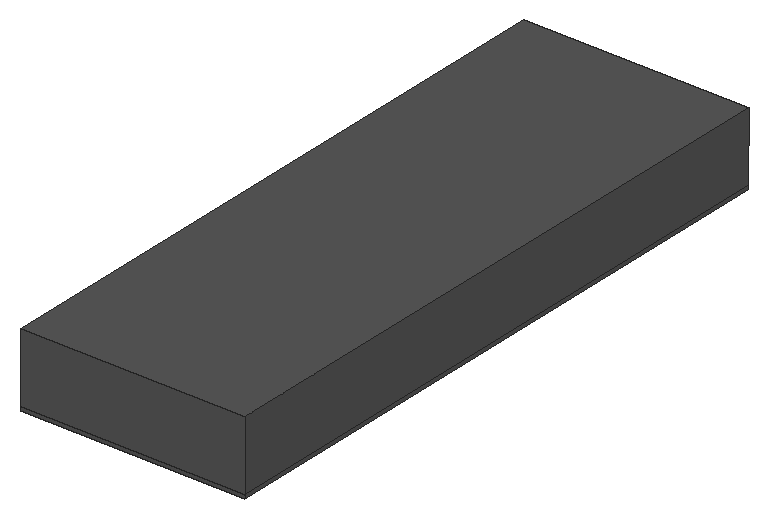
Revit family "ERA_LF_PR_SPP-502", category Осветительные приборы, Revit 2019 (continued)
Definition of nested family "LF_ИС_Пр_SPP-502"
  Parameters (values of type "SPP-502-0-50K-080")
      5 30.4 27.7 25.4 23.3 21.5 19.8 18.3 16.9 15.6 14.5 13.4 12.4 11.3 10.3 9.2 8 6.5 4.8 3.2 2 1.1 0.4 0 0\r\n299.5 300.7 302.1 303.9 305.9 308.3 311 313.9 317 320.2 323.7 327.3 331.1 335 338.9 342.8 346.6 350.3 354 357.7 361 363.8 366.2 368.2 369.8 370.8 371 370.6 369.4 367.6 365 361.6 357.4 352.3 346.4 339.9 332.8 325 316.5 307.2 297.3 287.1 276.6 265.5 254.1 242.8 231.8 220.4 207.6 193.5 178.9 164.8 151.2 138.3 126 114.5 103.8 94.2 85.6 78.1 71.4 65.4 59.9 54.5 49.4 44.7 40.6 37 33.5 30.1 27 24.2 21.9 20 18.4 16.7 14.9 12.8 10.8 8.9 7.4 6.3 5.4 4.7 3.9 3 2 1.1 0.5 0 0\r\n299.5 299.6 300.1 301.1 302.3 303.6 305 306.5 308.6 311.3 314.2 317.2 320.2 323.3 326.7 330.4 334.4 338.7 343.4 348.4 353.4 358.4 363.2 367.7 372 376.2 380.5 384.5 387.9 390.5 392.3 393.4 393.8 393.7 393 391.6 389.4 386.4 382.6 378 372.5 366.3 358.9 350.3 340.3 329.1 317 304 290 275.1 259.3 242.6 225.4 208.3 191.4 174.7 158.3 142.4 127.5 113.7 101.3 90.3 80.7 72.3 64.8 58.1 51.9 46 40.5 35.3 30.9 27.3 24.4 21.8 19.4 17.3 15.5 13.8 12.2 10.4 8.8 7.4 6.2 5.3 4.6 4 3.2 2.4 1.6 0.9 0.2\r\n299.5 298.5 298.1 298.3 298.9 299.7 300.7 301.9 303.3 305.1 307.1 309.3 311.7 314.5 317.7 321.1 324.4 328.1 332.5 337.6 342.8 347.8 352.7 357.9 363.3 368.8 374.2 379.5 384.6 389.5 394.3 399.2 403.8 407.9 411.4 414.7 417.8 420.8 423.3 425 425.9 425.8 424.7 422.7 419.7 415.6 410.3 403.5 395.2 385.1 373.4 360.2 345.3 328.6 310.1 290.3 269.4 247.8 226.1 204.5 183.3 162.7 142.7 123.5 105.1 88.1 73.1 60.5 50.9 43.8 38.5 33.9 29.9 26.3 23.1 20.1 17.4 14.9 12.7 10.9 9.2 7.6 6.1 4.7 3.6 2.7 2 1.4 1 0.6 0.2\r\n299.5 298.2 297.3 297 297.1 297.5 298.1 299 300.2 301.7 303.5 305.6 308.1 310.7 313.7 317 320.9 325.3 329.9 334.9 340.2 345.9 351.9 358.1 364.5 370.7 376.7 382.5 388.2 393.8 399.2 404.6 410 415.7 421.7 428.1 434.7 441.6 448.3 455 461.6 468.2 474.8 481.3 487.7 493.7 499.2 503.8 507.3 509.5 510 508.6 504.9 498.7 489.8 478.5 464.6 448 428.1 404.8 378 347.5 313.9 277.7 240.1 203 168.2 136.9 110.1 88.1 70.3 56.1 44.9 36.1 29.3 24 19.7 16.2 13.2 10.5 8.3 6.5 5 3.7 2.6 1.7 1 0.5 0.2 0 0\r\n299.5 299.1 299.6 301.1 303.2 305.4 307.3 309.1 311.2 313.8 316.7 319.9 323.4 327.2 331.2 335.7 340.6 346.1 351.9 358.1 364.8 371.8 379 386.1 393 399.8 406.7 413.6 420.6 427.6 434.7 442.1 449.8 457.9 466.3 475.2 484.6 494.4 504.5 514.9 525.4 536 546.4 556.7 566.5 575.8 584.2 591.9 598.7 604.5 608.9 611.7 612.5 611.1 606.9 599.3 587.8 571.7 550.6 524.4 493 456.7 416.5 373.4 328.7 283.6 239.3 196.6 156.6 120.3 88.9 63.5 44.2 31.1 23.3 18.8 15.7 13.4 11.6 9.8 8.1 6.5 5.1 3.8 2.8 2 1.4 0.9 0.6 0.4 0.3\r\n"
    built-in parameter 1150133 = 10 (stored number, unit not read)
    Wattage = 53.8568 W
    built-in parameter 1150139 = (empty or 0)
    Корпус_Ширина = 160.00 mm
    Default Elevation = 1000.00 mm
    Корпус_Длина = 450.00 mm
    built-in parameter 1150138 = (empty or 0)
    built-in parameter 1150107 = 5000 (stored number, unit not read)
    built-in parameter 1150102 = (empty or 0)
    Emit from Rectangle Width = Корпус_Длина  # 450.00 mm
    Emit from Rectangle Length = Корпус_Ширина  # 160.00 mm
    Emit Shape Visible in Rendering = no
  Types (4, lengths in mm): name | Photometric Web File | built-in parameter 1150105 | Lumens | built-in parameter 1150106 | built-in parameter 1150142 | Wattage
    SPP-502-0-50K-080 | "SPP-502-0-50K-080.ies" | 1450.3 (stored number, unit not read) | 8000 lm | 14.503 (stored number, unit not read) | "IESNA:LM-63-1995\r\n[DATA] 16.01.2020\r\n[MANUFAC]??РА\r\n[LUMCAT] \r\n[LUMINAIRE] SPP-502-0-50K-080\r\n[LAMP] Светодиодный модуль\r\nTILT=NONE\r\n1 8629 8.627 91 37 1 2 0.45 0.16 0.065\r\n1 1 81.62\r\n0 1 2 3 4 5 6 7 8 9 10 11 12 13 14 15 16 17 18 19 20 21 22 23 24 25 26 27 28 29 30 31 32 33 34 35 36 37 38 39 40 41 42 43 44 45 46 47 48 49 50 51 52 53 54 55 56 57 58 59 60 61 62 63 64 65 66 67 68 69 70 71 72 73 74 75 76 77 78 79 80 81 82 83 84 85 86 87 88 89 90 \r\n0 10 20 30 40 50 60 70 80 90 100 110 120 130 140 150 160 170 180 190 200 210 220 230 240 250 260 270 280 290 300 310 320 330 340 350 360 \r\n299.5 299.1 299.6 301.1 303.2 305.4 307.3 309.1 311.2 313.8 316.7 319.9 323.4 327.2 331.2 335.7 340.6 346.1 351.9 358.1 364.8 371.8 379 386.1 393 399.8 406.7 413.6 420.6 427.6 434.7 442.1 449.8 457.9 466.3 475.2 484.6 494.4 504.5 514.9 525.4 536 546.4 556.7 566.5 575.8 584.2 591.9 598.7 604.5 608.9 611.7 612.5 611.1 606.9 599.3 587.8 571.7 550.6 524.4 493 456.7 416.5 373.4 328.7 283.6 239.3 196.6 156.6 120.3 88.9 63.5 44.2 31.1 23.3 18.8 15.7 13.4 11.6 9.8 8.1 6.5 5.1 3.8 2.8 2 1.4 0.9 0.6 0.4 0.3\r\n299.5 300.8 302.5 304.4 306.7 309.3 312.1 315.2 318.3 321.6 325.2 329.5 334.2 339.3 344.7 350.4 356.4 363 370.1 377.6 385.4 393.3 401.3 409.3 417.3 425.2 433 440.7 448.6 457 465.7 474.7 484 493.6 503.3 513.2 523.3 533.4 543.5 553.4 563 572.2 580.8 588.7 595.8 601.6 605.9 608.5 609.2 607.7 603.9 597.5 588.4 576.2 560.7 542 520 494.6 465.7 433.5 398.3 360.5 320.9 280.5 240.4 202.3 167.6 137.1 111.4 90.2 72.4 57 44.2 34.4 27.2 21.9 17.8 14.6 11.9 9.8 8 6.4 5.2 4.1 3.2 2.5 1.8 1.2 0.8 0.6 0.7\r\n299.5 301 302.8 304.8 307.1 309.8 312.9 316.3 319.9 323.6 327.7 332.4 337.5 343 348.9 355.3 362.2 369.4 376.8 384.1 391.6 399.1 406.6 413.8 420.9 427.9 435.1 442.4 449.9 457.5 465.4 473.3 481.2 488.7 495.6 501.9 507.6 512.8 517.8 522.4 525.7 527.3 526.9 524.6 520.4 514.9 508.3 499.6 487.6 472.5 455.5 437.5 417.9 395.5 370.6 344.2 317.5 290.1 261.8 232.6 203 173.8 146.2 121.4 100.2 83 69.6 59.4 51.2 44.5 38.7 33.6 29.1 25.1 21.7 18.6 15.9 13.4 11.2 9.1 7.1 5.3 3.9 2.8 2.1 1.6 1.1 0.7 0.4 0.3 0.3\r\n299.5 301.3 303.1 304.8 306.7 309 312.1 315.6 319 322.4 326.5 331.5 337 342.6 348.1 353.9 360.2 366.9 373.6 380.1 386.4 392.5 398.5 404.3 409.8 414.9 419.4 423.4 427.1 430.3 433.1 435.5 437.4 438.6 439 438.6 437.2 434.6 430.8 425.7 419.3 411.5 402.4 391.9 379.9 366.5 351.6 335.3 317.9 299.5 280.2 260.5 240.4 220.4 200.7 181.6 163.2 145.7 129.3 114.2 100.1 87.1 75.3 64.9 56 48.6 42.5 37.6 33.7 30.3 27.4 24.5 21.9 19.6 17.5 15.5 13.7 11.8 10 8.4 7 6 5.2 4.3 3.2 2.2 1.3 0.6 0.2 0 0.3\r\n299.5 300 300.6 301.1 301.9 303.3 305.5 308.3 311.4 314.7 318.4 322.7 327.3 331.9 336.4 341.3 346.8 352.5 357.8 362.6 367.4 372.2 376.7 380.3 382.9 384.8 386.4 387.4 387.6 387 385.6 383.4 380.3 376.4 371.6 365.9 359.2 351.8 343.4 334.1 324 312.9 300.9 288 274.4 260 245.2 229.9 214.5 199 183.6 168.5 153.8 139.8 126.6 114.5 103.7 94 85.5 78 71.4 65.5 60.2 55.3 50.8 46.3 41.8 37.4 33.4 29.9 27.1 24.9 23.1 21.3 19.2 16.9 14.5 12.2 10.4 9.1 8 7.1 6 4.8 3.4 2.2 1.2 0.6 0.3 0.2 0.3\r\n299.5 297.9 297.3 297.8 299.2 301 302.9 305.1 307.7 311 314.7 318.8 323 327.2 331.4 335.7 340.4 344.9 349 352.4 355.3 357.6 359.4 360.4 360.7 360.2 359 357 354 349.9 345 339.5 333.2 326.1 318.1 309.5 300.2 290.2 279.8 268.8 257.4 245.6 233.6 221.3 208.8 196.3 183.9 171.6 159.4 147.4 135.7 124.7 114.5 105.3 96.9 89.4 82.7 76.5 70.9 65.8 61 56.6 52.2 48 44 40.4 37.3 34.7 32.2 29.9 27.8 25.8 24 22.4 21 19.6 18 16.4 14.7 13 11.1 9 6.9 4.9 3.3 2.1 1.3 0.8 0.5 0.3 0.3\r\n299.5 297.9 297.3 297.4 298.4 300 302.1 304.6 307.6 311 314.7 318.6 322.5 326.2 329.5 332.8 336 339 341.2 342.5 343.2 343.3 342.8 341.5 339.3 336.3 332.5 327.8 322.4 316.3 309.5 302.2 294.3 285.8 276.8 267.4 257.7 247.7 237.5 227.1 216.4 205.4 194.3 183.2 172.2 161.3 150.6 140.1 130.2 120.7 111.9 103.8 96.3 89.5 83.1 77.2 71.7 66.4 61.4 56.6 51.9 47.4 43.1 39.5 36.5 33.9 31.5 29.2 27.2 25.3 23.7 22.3 21.1 19.9 18.7 17.5 16.5 15.5 14.4 13.2 11.7 10 8.1 6.2 4.3 2.6 1.5 0.7 0.2 0.1 0.3\r\n299.5 298.1 297.3 297.2 297.7 298.7 300.3 302.3 304.6 307.2 310.2 313.7 317.2 320.6 323.7 326.5 328.9 330.8 332 332.6 332.7 332.4 331.3 329.2 325.9 321.8 317.2 312 306.3 300 293.1 285.7 277.7 269.4 260.7 251.6 242.1 232.2 222.1 211.7 201.1 190.3 179.5 168.9 158.4 148.2 138.3 128.8 120 111.8 104.3 97.2 90.6 84.4 78.5 73 67.9 63 57.9 52.8 48 43.7 40.1 36.8 33.9 31.2 28.7 26.3 24.2 22.2 20.5 18.9 17.4 16 14.8 13.6 12.4 11.2 10.1 9 8.1 7.3 6.4 5.4 4.3 3.1 2.1 1.2 0.7 0.4 0.3\r\n299.5 294.5 291.3 289.8 289.8 290.7 291.9 293.6 295.6 298.1 300.9 303.7 306.6 309.3 311.8 314.1 316.1 317.8 318.9 319.2 318.7 317.3 315 312 308.5 304.3 299.5 294.1 288 281.4 274.3 266.9 259.1 250.8 242 232.8 223.4 213.7 203.7 193.5 183.2 172.9 162.8 152.8 143.1 133.7 124.8 116.4 108.6 101.3 94.5 88.3 82.4 77 71.7 66.7 61.6 56.6 51.8 47.1 42.9 39.2 36.1 33.1 30.3 27.6 25 22.4 19.8 17.3 15.1 13.5 12.4 11.5 10.7 10.1 9.7 9.5 9.3 9.2 8.9 8.5 7.9 6.9 5.6 4.3 3.1 2 1.2 0.7 0.4\r\n299.5 297.8 296.7 296.1 296.1 296.7 298.1 300 302 304.1 306.4 308.9 311.5 313.9 316.1 318 319.5 320.5 320.9 320.5 319.3 317.4 314.7 311.4 307.4 302.7 297.6 291.9 285.4 278.4 270.9 263.1 255 246.3 237 227.2 217.2 207 196.7 186.3 175.9 165.5 155.2 145.3 135.8 126.7 118.3 110.4 103 96.3 89.9 83.9 78.2 72.9 67.7 62.7 57.6 52.6 48 43.8 40 36.7 33.7 30.8 28 24.9 21.5 18.2 15.8 14.3 13.3 12.6 11.9 11.2 10.6 9.9 9.3 8.7 8.1 7.4 6.7 5.8 4.9 4.1 3.2 2.4 1.7 1.1 0.6 0.4 0.3\r\n299.5 294.5 291.3 289.8 289.8 290.7 291.9 293.6 295.6 298.1 300.9 303.7 306.6 309.3 311.8 314.1 316.1 317.8 318.9 319.2 318.7 317.3 315 312 308.5 304.3 299.5 294.1 288 281.4 274.3 266.9 259.1 250.8 242 232.8 223.4 213.7 203.7 193.5 183.2 172.9 162.8 152.8 143.1 133.7 124.8 116.4 108.6 101.3 94.5 88.3 82.4 77 71.7 66.7 61.6 56.6 51.8 47.1 42.9 39.2 36.1 33.1 30.3 27.6 25 22.4 19.8 17.3 15.1 13.5 12.4 11.5 10.7 10.1 9.7 9.5 9.3 9.2 8.9 8.5 7.9 6.9 5.6 4.3 3.1 2 1.2 0.7 0.4\r\n299.5 298.1 297.3 297.2 297.7 298.7 300.3 302.3 304.6 307.2 310.2 313.7 317.2 320.6 323.7 326.5 328.9 330.8 332 332.6 332.7 332.4 331.3 329.2 325.9 321.8 317.2 312 306.3 300 293.1 285.7 277.7 269.4 260.7 251.6 242.1 232.2 222.1 211.7 201.1 190.3 179.5 168.9 158.4 148.2 138.3 128.8 120 111.8 104.3 97.2 90.6 84.4 78.5 73 67.9 63 57.9 52.8 48 43.7 40.1 36.8 33.9 31.2 28.7 26.3 24.2 22.2 20.5 18.9 17.4 16 14.8 13.6 12.4 11.2 10.1 9 8.1 7.3 6.4 5.4 4.3 3.1 2.1 1.2 0.7 0.4 0.3\r\n299.5 297.9 297.3 297.4 298.4 300 302.1 304.6 307.6 311 314.7 318.6 322.5 326.2 329.5 332.8 336 339 341.2 342.5 343.2 343.3 342.8 341.5 339.3 336.3 332.5 327.8 322.4 316.3 309.5 302.2 294.3 285.8 276.8 267.4 257.7 247.7 237.5 227.1 216.4 205.4 194.3 183.2 172.2 161.3 150.6 140.1 130.2 120.7 111.9 103.8 96.3 89.5 83.1 77.2 71.7 66.4 61.4 56.6 51.9 47.4 43.1 39.5 36.5 33.9 31.5 29.2 27.2 25.3 23.7 22.3 21.1 19.9 18.7 17.5 16.5 15.5 14.4 13.2 11.7 10 8.1 6.2 4.3 2.6 1.5 0.7 0.2 0.1 0.3\r\n299.5 297.9 297.3 297.8 299.2 301 302.9 305.1 307.7 311 314.7 318.8 323 327.2 331.4 335.7 340.4 344.9 349 352.4 355.3 357.6 359.4 360.4 360.7 360.2 359 357 354 349.9 345 339.5 333.2 326.1 318.1 309.5 300.2 290.2 279.8 268.8 257.4 245.6 233.6 221.3 208.8 196.3 183.9 171.6 159.4 147.4 135.7 124.7 114.5 105.3 96.9 89.4 82.7 76.5 70.9 65.8 61 56.6 52.2 48 44 40.4 37.3 34.7 32.2 29.9 27.8 25.8 24 22.4 21 19.6 18 16.4 14.7 13 11.1 9 6.9 4.9 3.3 2.1 1.3 0.8 0.5 0.3 0.3\r\n299.5 300 300.6 301.1 301.9 303.3 305.5 308.3 311.4 314.7 318.4 322.7 327.3 331.9 336.4 341.3 346.8 352.5 357.8 362.6 367.4 372.2 376.7 380.3 382.9 384.8 386.4 387.4 387.6 387 385.6 383.4 380.3 376.4 371.6 365.9 359.2 351.8 343.4 334.1 324 312.9 300.9 288 274.4 260 245.2 229.9 214.5 199 183.6 168.5 153.8 139.8 126.6 114.5 103.7 94 85.5 78 71.4 65.5 60.2 55.3 50.8 46.3 41.8 37.4 33.4 29.9 27.1 24.9 23.1 21.3 19.2 16.9 14.5 12.2 10.4 9.1 8 7.1 6 4.8 3.4 2.2 1.2 0.6 0.3 0.2 0.3\r\n299.5 301.3 303.1 304.8 306.7 309 312.1 315.6 319 322.4 326.5 331.5 337 342.6 348.1 353.9 360.2 366.9 373.6 380.1 386.4 392.5 398.5 404.3 409.8 414.9 419.4 423.4 427.1 430.3 433.1 435.5 437.4 438.6 439 438.6 437.2 434.6 430.8 425.7 419.3 411.5 402.4 391.9 379.9 366.5 351.6 335.3 317.9 299.5 280.2 260.5 240.4 220.4 200.7 181.6 163.2 145.7 129.3 114.2 100.1 87.1 75.3 64.9 56 48.6 42.5 37.6 33.7 30.3 27.4 24.5 21.9 19.6 17.5 15.5 13.7 11.8 10 8.4 7 6 5.2 4.3 3.2 2.2 1.3 0.6 0.2 0 0.3\r\n299.5 301 302.8 304.8 307.1 309.8 312.9 316.3 319.9 323.6 327.7 332.4 337.5 343 348.9 355.3 362.2 369.4 376.8 384.1 391.6 399.1 406.6 413.8 420.9 427.9 435.1 442.4 449.9 457.5 465.4 473.3 481.2 488.7 495.6 501.9 507.6 512.8 517.8 522.4 525.7 527.3 526.9 524.6 520.4 514.9 508.3 499.6 487.6 472.5 455.5 437.5 417.9 395.5 370.6 344.2 317.5 290.1 261.8 232.6 203 173.8 146.2 121.4 100.2 83 69.6 59.4 51.2 44.5 38.7 33.6 29.1 25.1 21.7 18.6 15.9 13.4 11.2 9.1 7.1 5.3 3.9 2.8 2.1 1.6 1.1 0.7 0.4 0.3 0.3\r\n299.5 300.8 302.5 304.4 306.7 309.3 312.1 315.2 318.3 321.6 325.2 329.5 334.2 339.3 344.7 350.4 356.4 363 370.1 377.6 385.4 393.3 401.3 409.3 417.3 425.2 433 440.7 448.6 457 465.7 474.7 484 493.6 503.3 513.2 523.3 533.4 543.5 553.4 563 572.2 580.8 588.7 595.8 601.6 605.9 608.5 609.2 607.7 603.9 597.5 588.4 576.2 560.7 542 520 494.6 465.7 433.5 398.3 360.5 320.9 280.5 240.4 202.3 167.6 137.1 111.4 90.2 72.4 57 44.2 34.4 27.2 21.9 17.8 14.6 11.9 9.8 8 6.4 5.2 4.1 3.2 2.5 1.8 1.2 0.8 0.6 0.7\r\n299.5 299.1 299.6 301.1 303.2 305.4 307.3 309.1 311.2 313.8 316.7 319.9 323.4 327.2 331.2 335.7 340.6 346.1 351.9 358.1 364.8 371.8 379 386.1 393 399.8 406.7 413.6 420.6 427.6 434.7 442.1 449.8 457.9 466.3 475.2 484.6 494.4 504.5 514.9 525.4 536 546.4 556.7 566.5 575.8 584.2 591.9 598.7 604.5 608.9 611.7 612.5 611.1 606.9 599.3 587.8 571.7 550.6 524.4 493 456.7 416.5 373.4 328.7 283.6 239.3 196.6 156.6 120.3 88.9 63.5 44.2 31.1 23.3 18.8 15.7 13.4 11.6 9.8 8.1 6.5 5.1 3.8 2.8 2 1.4 0.9 0.6 0.4 0.3\r\n299.5 298.2 297.3 297 297.1 297.5 298.1 299 300.2 301.7 303.5 305.6 308.1 310.7 313.7 317 320.9 325.3 329.9 334.9 340.2 345.9 351.9 358.1 364.5 370.7 376.7 382.5 388.2 393.8 399.2 404.6 410 415.7 421.7 428.1 434.7 441.6 448.3 455 461.6 468.2 474.8 481.3 487.7 493.7 499.2 503.8 507.3 509.5 510 508.6 504.9 498.7 489.8 478.5 464.6 448 428.1 404.8 378 347.5 313.9 277.7 240.1 203 168.2 136.9 110.1 88.1 70.3 56.1 44.9 36.1 29.3 24 19.7 16.2 13.2 10.5 8.3 6.5 5 3.7 2.6 1.7 1 0.5 0.2 0 0\r\n299.5 298.5 298.1 298.3 298.9 299.7 300.7 301.9 303.3 305.1 307.1 309.3 311.7 314.5 317.7 321.1 324.4 328.1 332.5 337.6 342.8 347.8 352.7 357.9 363.3 368.8 374.2 379.5 384.6 389.5 394.3 399.2 403.8 407.9 411.4 414.7 417.8 420.8 423.3 425 425.9 425.8 424.7 422.7 419.7 415.6 410.3 403.5 395.2 385.1 373.4 360.2 345.3 328.6 310.1 290.3 269.4 247.8 226.1 204.5 183.3 162.7 142.7 123.5 105.1 88.1 73.1 60.5 50.9 43.8 38.5 33.9 29.9 26.3 23.1 20.1 17.4 14.9 12.7 10.9 9.2 7.6 6.1 4.7 3.6 2.7 2 1.4 1 0.6 0.2\r\n299.5 299.6 300.1 301.1 302.3 303.6 305 306.5 308.6 311.3 314.2 317.2 320.2 323.3 326.7 330.4 334.4 338.7 343.4 348.4 353.4 358.4 363.2 367.7 372 376.2 380.5 384.5 387.9 390.5 392.3 393.4 393.8 393.7 393 391.6 389.4 386.4 382.6 378 372.5 366.3 358.9 350.3 340.3 329.1 317 304 290 275.1 259.3 242.6 225.4 208.3 191.4 174.7 158.3 142.4 127.5 113.7 101.3 90.3 80.7 72.3 64.8 58.1 51.9 46 40.5 35.3 30.9 27.3 24.4 21.8 19.4 17.3 15.5 13.8 12.2 10.4 8.8 7.4 6.2 5.3 4.6 4 3.2 2.4 1.6 0.9 0.2\r\n299.5 300.7 302.1 303.9 305.9 308.3 311 313.9 317 320.2 323.7 327.3 331.1 335 338.9 342.8 346.6 350.3 354 357.7 361 363.8 366.2 368.2 369.8 370.8 371 370.6 369.4 367.6 365 361.6 357.4 352.3 346.4 339.9 332.8 325 316.5 307.2 297.3 287.1 276.6 265.5 254.1 242.8 231.8 220.4 207.6 193.5 178.9 164.8 151.2 138.3 126 114.5 103.8 94.2 85.6 78.1 71.4 65.4 59.9 54.5 49.4 44.7 40.6 37 33.5 30.1 27 24.2 21.9 20 18.4 16.7 14.9 12.8 10.8 8.9 7.4 6.3 5.4 4.7 3.9 3 2 1.1 0.5 0 0\r\n299.5 301.3 303.5 305.9 308.7 311.8 315 318.5 321.9 325.4 328.9 332.5 336 339.4 342.5 345.5 348.4 350.9 353 354.6 355.8 356.4 356.4 355.8 354.3 352.2 349.5 346.3 342.7 338.7 333.9 328.1 321.6 314.8 307.7 300.5 293 284.6 274.5 263 250.9 239 227.3 215.3 203 190.7 178.5 166.7 155.2 144.1 133.4 123.3 113.7 104.9 96.9 89.5 82.7 76.4 70.3 64.4 58.9 53.7 48.8 44.5 40.5 36.9 33.5 30.4 27.7 25.4 23.3 21.5 19.8 18.3 16.9 15.6 14.5 13.4 12.4 11.3 10.3 9.2 8 6.5 4.8 3.2 2 1.1 0.4 0 0\r\n299.5 301.2 303.2 305.5 308.2 311.1 314.4 318 322 326.1 330.3 334.3 338.1 341.7 345 348 350.5 352.6 354.1 354.8 354.7 353.8 352.1 349.9 347.1 343.5 338.8 333.1 326.6 319.6 312 303.9 295.3 286.2 276.6 266.5 256.1 245.4 234.6 223.6 212.7 201.7 190.7 179.6 168.6 157.8 147.4 137.4 128.1 119.3 111.1 103.5 96.3 89.5 83.1 77 71.1 65.5 60.2 55.1 50.3 45.8 41.6 37.8 34.4 31.4 28.6 26.2 24.1 22.3 20.6 19.1 17.7 16.5 15.3 14.2 13.2 12.2 11.1 10 8.9 7.8 6.8 5.7 4.6 3.5 2.4 1.4 0.7 0.2 0\r\n299.5 302.1 304.9 308 311.6 316.5 323 329.9 335.6 339.6 343 346.3 349.4 351.9 353.8 355 355.7 355.7 354.9 353.3 351 347.9 344.1 339.5 334.2 328.2 321.5 314.3 306.5 298.4 289.9 281.4 272.6 263.5 254 244.3 234.4 224.3 214.2 204.1 193.9 183.7 173.5 163.6 153.9 144.7 135.8 127.4 119.6 112.1 104.9 97.8 90.7 83.7 77.1 70.9 65.2 60.1 55.2 50.6 46.1 41.7 37.6 34 30.9 28.2 25.8 23.7 21.8 19.9 18 16.4 14.8 13.3 12 10.8 9.6 8.6 7.7 6.8 6.1 5.4 4.8 4.1 3.3 2.5 1.6 0.8 0.2 0 0\r\n299.5 303.1 306.9 311.1 315.6 320.2 324.7 329.1 333.4 337.4 340.9 343.8 346.1 348 349.4 350.1 349.9 348.9 347.2 344.8 341.7 337.7 333 327.4 321.1 314.2 306.8 299 291.1 282.9 274.3 265.1 255.5 245.9 236.3 226.6 216.5 206.3 196.1 186.1 176.1 166.2 156.5 147.3 138.5 130.1 122 114.4 107.4 100.9 94.7 88.5 82.4 76.7 71.2 65.8 60.6 55.5 50.7 46.3 42.1 38.1 34.4 31.1 28.2 25.7 23.3 21 18.4 15.8 13.7 12.3 11.4 10.6 9.8 9 8.4 7.9 7.5 7.1 6.7 6.5 6.3 5.9 5.2 4.1 2.6 1.2 0.1 0 0\r\n299.5 302.8 306.4 310.4 315 320.9 328.4 335.9 341.8 345.7 348.9 352.2 355.4 358.1 360 361 361.1 360.3 358.8 356.6 353.2 348.7 343.3 337.2 330.6 323.3 315.3 306.7 297.7 288.5 278.9 268.9 258.5 248 237.3 226.5 215.7 204.9 194.1 183.4 172.9 162.8 153 143.6 134.6 126.1 118.1 110.6 103.4 96.6 89.9 83.3 77.1 71.3 66.2 61.3 56.6 52 47.7 43.5 39.6 35.9 32.6 29.8 27.3 24.8 21.9 19.1 16.5 14.4 12.8 11.8 11.2 10.7 10.3 9.8 9.2 8.6 8.1 7.5 6.9 6.1 5.3 4.4 3.4 2.4 1.4 0.5 0 0 0\r\n299.5 303.1 306.9 311.1 315.6 320.2 324.7 329.1 333.4 337.4 340.9 343.8 346.1 348 349.4 350.1 349.9 348.9 347.2 344.8 341.7 337.7 333 327.4 321.1 314.2 306.8 299 291.1 282.9 274.3 265.1 255.5 245.9 236.3 226.6 216.5 206.3 196.1 186.1 176.1 166.2 156.5 147.3 138.5 130.1 122 114.4 107.4 100.9 94.7 88.5 82.4 76.7 71.2 65.8 60.6 55.5 50.7 46.3 42.1 38.1 34.4 31.1 28.2 25.7 23.3 21 18.4 15.8 13.7 12.3 11.4 10.6 9.8 9 8.4 7.9 7.5 7.1 6.7 6.5 6.3 5.9 5.2 4.1 2.6 1.2 0.1 0 0\r\n299.5 302.1 304.9 308 311.6 316.5 323 329.9 335.6 339.6 343 346.3 349.4 351.9 353.8 355 355.7 355.7 354.9 353.3 351 347.9 344.1 339.5 334.2 328.2 321.5 314.3 306.5 298.4 289.9 281.4 272.6 263.5 254 244.3 234.4 224.3 214.2 204.1 193.9 183.7 173.5 163.6 153.9 144.7 135.8 127.4 119.6 112.1 104.9 97.8 90.7 83.7 77.1 70.9 65.2 60.1 55.2 50.6 46.1 41.7 37.6 34 30.9 28.2 25.8 23.7 21.8 19.9 18 16.4 14.8 13.3 12 10.8 9.6 8.6 7.7 6.8 6.1 5.4 4.8 4.1 3.3 2.5 1.6 0.8 0.2 0 0\r\n299.5 301.2 303.2 305.5 308.2 311.1 314.4 318 322 326.1 330.3 334.3 338.1 341.7 345 348 350.5 352.6 354.1 354.8 354.7 353.8 352.1 349.9 347.1 343.5 338.8 333.1 326.6 319.6 312 303.9 295.3 286.2 276.6 266.5 256.1 245.4 234.6 223.6 212.7 201.7 190.7 179.6 168.6 157.8 147.4 137.4 128.1 119.3 111.1 103.5 96.3 89.5 83.1 77 71.1 65.5 60.2 55.1 50.3 45.8 41.6 37.8 34.4 31.4 28.6 26.2 24.1 22.3 20.6 19.1 17.7 16.5 15.3 14.2 13.2 12.2 11.1 10 8.9 7.8 6.8 5.7 4.6 3.5 2.4 1.4 0.7 0.2 0\r\n299.5 301.3 303.5 305.9 308.7 311.8 315 318.5 321.9 325.4 328.9 332.5 336 339.4 342.5 345.5 348.4 350.9 353 354.6 355.8 356.4 356.4 355.8 354.3 352.2 349.5 346
      .3 342.7 338.7 333.9 328.1 321.6 314.8 307.7 300.5 293 284.6 274.5 263 250.9 239 227.3 215.3 203 190.7 178.5 166.7 155.2 144.1 133.4 123.3 113.7 104.9 96.9 89.5 82.7 76.4 70.3 64.4 58.9 53.7 48.8 44.5 40.5 36.9 33.5 30.4 27.7 25.4 23.3 21.5 19.8 18.3 16.9 15.6 14.5 13.4 12.4 11.3 10.3 9.2 8 6.5 4.8 3.2 2 1.1 0.4 0 0\r\n299.5 300.7 302.1 303.9 305.9 308.3 311 313.9 317 320.2 323.7 327.3 331.1 335 338.9 342.8 346.6 350.3 354 357.7 361 363.8 366.2 368.2 369.8 370.8 371 370.6 369.4 367.6 365 361.6 357.4 352.3 346.4 339.9 332.8 325 316.5 307.2 297.3 287.1 276.6 265.5 254.1 242.8 231.8 220.4 207.6 193.5 178.9 164.8 151.2 138.3 126 114.5 103.8 94.2 85.6 78.1 71.4 65.4 59.9 54.5 49.4 44.7 40.6 37 33.5 30.1 27 24.2 21.9 20 18.4 16.7 14.9 12.8 10.8 8.9 7.4 6.3 5.4 4.7 3.9 3 2 1.1 0.5 0 0\r\n299.5 299.6 300.1 301.1 302.3 303.6 305 306.5 308.6 311.3 314.2 317.2 320.2 323.3 326.7 330.4 334.4 338.7 343.4 348.4 353.4 358.4 363.2 367.7 372 376.2 380.5 384.5 387.9 390.5 392.3 393.4 393.8 393.7 393 391.6 389.4 386.4 382.6 378 372.5 366.3 358.9 350.3 340.3 329.1 317 304 290 275.1 259.3 242.6 225.4 208.3 191.4 174.7 158.3 142.4 127.5 113.7 101.3 90.3 80.7 72.3 64.8 58.1 51.9 46 40.5 35.3 30.9 27.3 24.4 21.8 19.4 17.3 15.5 13.8 12.2 10.4 8.8 7.4 6.2 5.3 4.6 4 3.2 2.4 1.6 0.9 0.2\r\n299.5 298.5 298.1 298.3 298.9 299.7 300.7 301.9 303.3 305.1 307.1 309.3 311.7 314.5 317.7 321.1 324.4 328.1 332.5 337.6 342.8 347.8 352.7 357.9 363.3 368.8 374.2 379.5 384.6 389.5 394.3 399.2 403.8 407.9 411.4 414.7 417.8 420.8 423.3 425 425.9 425.8 424.7 422.7 419.7 415.6 410.3 403.5 395.2 385.1 373.4 360.2 345.3 328.6 310.1 290.3 269.4 247.8 226.1 204.5 183.3 162.7 142.7 123.5 105.1 88.1 73.1 60.5 50.9 43.8 38.5 33.9 29.9 26.3 23.1 20.1 17.4 14.9 12.7 10.9 9.2 7.6 6.1 4.7 3.6 2.7 2 1.4 1 0.6 0.2\r\n299.5 298.2 297.3 297 297.1 297.5 298.1 299 300.2 301.7 303.5 305.6 308.1 310.7 313.7 317 320.9 325.3 329.9 334.9 340.2 345.9 351.9 358.1 364.5 370.7 376.7 382.5 388.2 393.8 399.2 404.6 410 415.7 421.7 428.1 434.7 441.6 448.3 455 461.6 468.2 474.8 481.3 487.7 493.7 499.2 503.8 507.3 509.5 510 508.6 504.9 498.7 489.8 478.5 464.6 448 428.1 404.8 378 347.5 313.9 277.7 240.1 203 168.2 136.9 110.1 88.1 70.3 56.1 44.9 36.1 29.3 24 19.7 16.2 13.2 10.5 8.3 6.5 5 3.7 2.6 1.7 1 0.5 0.2 0 0\r\n299.5 299.1 299.6 301.1 303.2 305.4 307.3 309.1 311.2 313.8 316.7 319.9 323.4 327.2 331.2 335.7 340.6 346.1 351.9 358.1 364.8 371.8 379 386.1 393 399.8 406.7 413.6 420.6 427.6 434.7 442.1 449.8 457.9 466.3 475.2 484.6 494.4 504.5 514.9 525.4 536 546.4 556.7 566.5 575.8 584.2 591.9 598.7 604.5 608.9 611.7 612.5 611.1 606.9 599.3 587.8 571.7 550.6 524.4 493 456.7 416.5 373.4 328.7 283.6 239.3 196.6 156.6 120.3 88.9 63.5 44.2 31.1 23.3 18.8 15.7 13.4 11.6 9.8 8.1 6.5 5.1 3.8 2.8 2 1.4 0.9 0.6 0.4 0.3\r\n" | 53.8568 W
